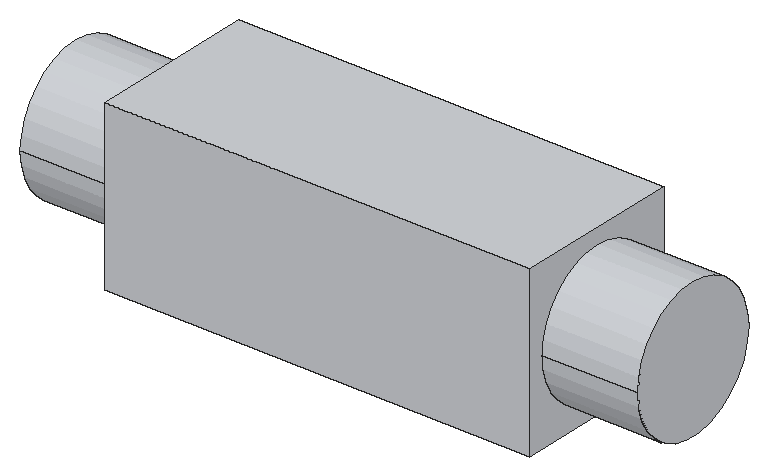
Revit family "M_Corpo do conduíte - Tipo C - Alumínio", category Conexões do conduite, Revit 2019
Family settings
  Cota do conector redondo = Usar raio
  Tipo de parte = União
  Número OmniClass = 23.80.30.17.11
  Título OmniClass = Conduits
  ID de item do Seek = Conduit Body - Type C - Aluminum-0000-CAN-ENU
  Com base no plano de trabalho = Não
  Sempre na vertical = Sim
  Corte com vazios quando carregada = Não
  Compartilhado = Não
Parameters (values of type "Padrão")
  Comprimento total [instance] = size_lookup(Pesquisa de tamanho de conduite, "TLgt", 3.86 * Diâmetro nominal + 77.49 mm, Diâmetro nominal)  # 122.238 mm
  Raio nominal [instance] = 8 mm
  Diâmetro nominal [instance] = Raio nominal * 2  # 16 mm
  Raio externo da conexão [instance] = Diâmetro externo da conexão * 0.5  # 13.716 mm
  Diâmetro externo da conexão [instance] = size_lookup(Pesquisa de tamanho de conduite, "FOD", 1.15 * Diâmetro nominal + 11.708 mm, Diâmetro nominal)  # 27.432 mm
  Pesquisa de tamanho de conduite = "M_Conduit Body - Type C - Aluminum"
  Comprimento do conduíte [instance] = size_lookup(Pesquisa de tamanho de conduite, "CLgt", 0.17 * Diâmetro nominal + 18.256 mm, Diâmetro nominal)  # 19.05 mm
  Largura do corpo do conduíte [instance] = size_lookup(Pesquisa de tamanho de conduite, "CBW", 1.31 * Diâmetro nominal + 16.272 mm, Diâmetro nominal)  # 33.338 mm
Reference planes
  plane 1 "Centro (Frente/Trás)": y = 0
  plane 2: z = 0
  plane 3 "Centro (Esquerda/Direita)": x = 0
  plane 4: y = 16.669
  plane 5: y = -16.669
  plane 6: z = 16.669
  plane 7: z = -16.669
  plane 8: x = 19.05
  plane 9: x = 103.188
  plane 10: x = 122.238
Forms (mm)
  Extrusion 1, solid
    sketch origin (0, 0, 0) x (1, 0, 0) y (0, 1, 0)
      loop
        line (19.05, 16.669) -> (19.05, -16.669) -> (103.188, -16.669) -> (103.188, 16.669) -> (19.05, 16.669)
    from -16.669 to 16.669
  Extrusion 2, solid, detail levels fine
    sketch origin (0, 0, 0) x (0, 1, 0) y (0, 0, 1)
      loop
        circle (0, 0) r 13.716
    from 0 to 19.05
  Extrusion 3, solid, detail levels fine
    sketch origin (0, 0, 0) x (0, 1, 0) y (0, 0, 1)
      loop
        circle (0, 0) r 13.716
    from 103.188 to 122.237
Cuts and joins
  joined: Extrusion 2, Extrusion 3
Lines and regions (mm)
  model lines, detail levels coarse+medium
    curve 1: line (0, 0, 0) -> (19.05, 0, 0)
    curve 2: line (103.188, 0, 0) -> (122.238, 0, 0)
Dimensions and locks
  equal spacing: plane 4, plane 1 "Centro (Frente/Trás)", plane 5
  "Largura do corpo do conduíte": plane 4 to plane 5
  equal spacing: plane 6, plane 2, plane 7
  "Largura do corpo do conduíte": plane 6 to plane 7
  "Comprimento do conduíte": plane 3 "Centro (Esquerda/Direita)" to plane 8
  "Comprimento total": plane 3 "Centro (Esquerda/Direita)" to plane 10
  "Comprimento do conduíte": plane 9 to plane 10
  "Raio externo da conexão": radius of Extrusion 2 sketch curve
  "Raio externo da conexão": radius of Extrusion 3 sketch curve
  aligned and locked: plane 8 to Extrusion 1 sketch curve
  aligned and locked: Extrusion 1 sketch curve to plane 9
  aligned and locked: Extrusion 1 sketch curve to plane 4
  aligned and locked: plane 5 to Extrusion 1 sketch curve
  aligned and locked: Extrusion 1 to plane 7
  aligned and locked: plane 6 to Extrusion 1
  aligned and locked: plane 2 to Extrusion 2 sketch curve
  aligned and locked: plane 1 "Centro (Frente/Trás)" to Extrusion 2 sketch curve
  aligned and locked: Extrusion 2 to plane 3 "Centro (Esquerda/Direita)"
  aligned and locked: plane 8 to Extrusion 2
  aligned and locked: plane 1 "Centro (Frente/Trás)" to Extrusion 3 sketch curve
  aligned and locked: plane 2 to Extrusion 3 sketch curve
  aligned and locked: Extrusion 3 to plane 9
  aligned and locked: plane 10 to Extrusion 3
  aligned and locked: plane 3 "Centro (Esquerda/Direita)" to curve 1
  aligned and locked: plane 8 to curve 1
  aligned and locked: plane 1 "Centro (Frente/Trás)" to curve 1
  aligned and locked: plane 9 to curve 2
  aligned and locked: plane 10 to curve 2
  aligned and locked: plane 1 "Centro (Frente/Trás)" to curve 2
Connectors
  cabletrayconduit at (0, 0, 0), diameter 16, driven by "Raio nominal"
    settings: on Extrusion 2, index 1, connector width 304.8 mm, connector height 304.8 mm, connector angle 0.00°, system type 32, placement type 0, profile type 0, connector reference index 2, is primary connector yes, connector utility param no, connector description ""
  cabletrayconduit at (122.238, 0, 0), diameter 16, driven by "Raio nominal"
    settings: on Extrusion 3, index 2, connector width 304.8 mm, connector height 304.8 mm, connector angle 0.00°, system type 32, placement type 0, profile type 0, connector reference index 1, is primary connector no, connector utility param no, connector description ""
